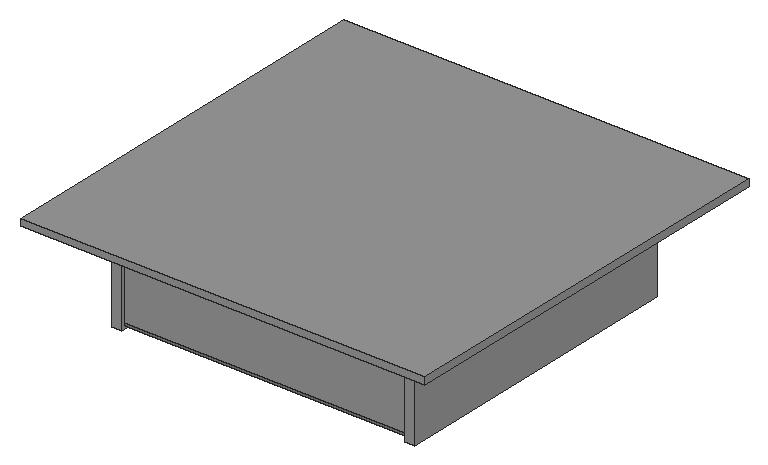
Revit family "Berica 2.0 M", category Lighting Fixtures, Revit 2020 (continued)
Definition of nested family "Light Source Berica 2.0"
  Types (4, lengths in mm): name | Photometric Web File | built-in parameter 1150142
      162.84 161.22 159.41 157.36 155.16 152.93 150.47 \r\n148.06 145.38 143.06 140.16 137.30 \r\n137.30 139.70 142.04 143.86 146.03 147.85 149.78 151.44 \r\n153.01 154.56 156.06 157.19 158.31 159.29 160.03 160.64 \r\n161.16 161.68 162.03 162.30 162.40 162.42 162.16 161.90 \r\n161.41 160.81 159.96 159.10 157.90 156.74 155.27 153.80 \r\n152.07 150.19 148.24 146.14 143.82 141.48 138.91 136.30 \r\n133.81 130.76 127.82 124.66 121.45 118.23 114.56 111.03 \r\n107.44 103.46 99.95 96.37 92.58 89.11 85.24 81.36 77.72 \r\n73.88 70.14 66.48 61.69 56.24 50.06 43.62 37.29 30.47 \r\n24.34 19.68 16.63 14.20 11.11 8.25 6.46 5.55 4.84 4.24 \r\n3.58 3.03 2.58 2.14 1.76 1.38 1.08 0.82 0.59 0.39 0.23 \r\n0.12 0.07 0.05 0.05 0.05 0.07 0.12 0.23 0.39 0.59 0.82 \r\n1.08 1.38 1.76 2.14 2.58 3.03 3.58 4.24 4.84 5.55 6.46 \r\n8.25 11.11 14.20 16.63 19.68 24.34 30.47 37.29 43.62 \r\n50.06 56.24 61.69 66.48 70.14 73.88 77.72 81.36 85.24 \r\n89.11 92.58 96.37 99.95 103.46 107.44 111.03 114.56 \r\n118.23 121.45 124.66 127.82 130.76 133.81 136.30 138.91 \r\n141.48 143.82 146.14 148.24 150.19 152.07 153.80 155.27 \r\n156.74 157.90 159.10 159.96 160.81 161.41 161.90 162.16 \r\n162.42 162.40 162.30 162.03 161.68 161.16 160.64 160.03 \r\n159.29 158.31 157.19 156.06 154.56 153.01 151.44 149.78 \r\n147.85 146.03 143.86 142.04 139.70 137.30 \r\n137.30 139.12 140.77 142.30 143.79 145.07 146.32 147.43 \r\n148.60 149.51 150.38 151.15 151.76 152.22 152.61 152.85 \r\n152.91 152.86 152.67 152.26 151.84 151.36 150.77 150.07 \r\n149.20 148.26 147.19 145.97 144.61 143.16 141.66 140.03 \r\n138.14 136.29 134.27 132.06 129.78 127.44 125.03 122.47 \r\n119.84 117.04 114.27 111.54 108.56 105.53 102.38 99.21 \r\n96.13 92.95 89.70 86.40 82.91 79.37 76.23 72.53 68.98 \r\n65.57 62.23 58.86 55.71 52.42 49.56 46.29 43.35 40.34 \r\n37.31 33.60 29.77 25.86 21.87 17.92 14.68 12.74 10.63 \r\n8.50 6.87 5.88 5.02 4.26 3.50 2.94 2.34 1.83 1.35 0.92 \r\n0.57 0.29 0.14 0.07 0.06 0.07 0.14 0.29 0.57 0.92 1.35 \r\n1.83 2.34 2.94 3.50 4.26 5.02 5.88 6.87 8.50 10.63 12.74 \r\n14.68 17.92 21.87 25.86 29.77 33.60 37.31 40.34 43.35 \r\n46.29 49.56 52.42 55.71 58.86 62.23 65.57 68.98 72.53 \r\n76.23 79.37 82.91 86.40 89.70 92.95 96.13 99.21 102.38 \r\n105.53 108.56 111.54 114.27 117.04 119.84 122.47 125.03 \r\n127.44 129.78 132.06 134.27 136.29 138.14 140.03 141.66 \r\n143.16 144.61 145.97 147.19 148.26 149.20 150.07 150.77 \r\n151.36 151.84 152.26 152.67 152.86 152.91 152.85 152.61 \r\n152.22 151.76 151.15 150.38 149.51 148.60 147.43 146.32 \r\n145.07 143.79 142.30 140.77 139.12 137.30 \r\n137.30 138.50 139.57 140.51 141.46 142.22 142.92 143.51 \r\n144.00 144.40 144.69 144.93 145.01 144.96 144.81 144.60 \r\n144.26 143.75 143.26 142.58 141.83 140.91 139.92 138.81 \r\n137.60 136.15 134.71 133.13 131.40 129.69 127.83 125.89 \r\n124.07 122.02 119.82 117.66 115.33 112.97 110.63 108.15 \r\n105.74 102.95 100.37 97.72 94.89 92.17 89.40 86.50 83.72 \r\n80.87 77.89 75.04 72.14 69.25 66.38 63.34 60.55 57.66 \r\n54.86 52.11 49.47 46.53 43.83 41.07 38.72 36.01 33.55 \r\n31.09 28.76 26.46 24.38 22.34 20.30 18.42 16.16 14.21 \r\n12.02 10.13 8.62 7.24 6.09 4.99 4.11 3.21 2.48 1.78 1.19 \r\n0.69 0.33 0.16 0.09 0.16 0.33 0.69 1.19 1.78 2.48 3.21 \r\n4.11 4.99 6.09 7.24 8.62 10.13 12.02 14.21 16.16 18.42 \r\n20.30 22.34 24.38 26.46 28.76 31.09 33.55 36.01 38.72 \r\n41.07 43.83 46.53 49.47 52.11 54.86 57.66 60.55 63.34 \r\n66.38 69.25 72.14 75.04 77.89 80.87 83.72 86.50 89.40 \r\n92.17 94.89 97.72 100.37 102.95 105.74 108.15 110.63 \r\n112.97 115.33 117.66 119.82 122.02 124.07 125.89 127.83 \r\n129.69 131.40 133.13 134.71 136.15 137.60 138.81 139.92 \r\n140.91 141.83 142.58 143.26 143.75 144.26 144.60 144.81 \r\n144.96 145.01 144.93 144.69 144.40 144.00 143.51 142.92 \r\n142.22 141.46 140.51 139.57 138.50 137.30 \r\n137.30 137.87 138.31 138.73 139.08 139.29 139.43 139.54 \r\n139.49 139.37 139.15 138.82 138.40 137.88 137.26 136.56 \r\n135.73 134.82 133.88 132.78 131.59 130.38 129.08 127.70 \r\n126.16 124.58 122.86 121.14 119.30 117.41 115.58 113.64 \r\n111.32 109.28 107.05 104.81 102.37 100.13 97.88 95.44 \r\n92.93 90.38 88.09 85.32 82.85 80.34 77.73 75.13 72.54 \r\n70.24 67.62 65.12 62.52 59.94 57.49 55.19 52.64 50.40 \r\n48.00 45.63 43.28 41.23 38.96 36.76 34.70 32.61 30.62 \r\n28.62 26.66 24.73 22.99 21.15 19.37 17.63 16.06 14.54 \r\n12.94 11.40 9.93 8.66 7.30 6.17 5.02 4.08 3.14 2.36 1.62 \r\n1.05 0.62 0.30 0.21 0.30 0.62 1.05 1.62 2.36 3.14 4.08 \r\n5.02 6.17 7.30 8.66 9.93 11.40 12.94 14.54 16.06 17.63 \r\n19.37 21.15 22.99 24.73 26.66 28.62 30.62 32.61 34.70 \r\n36.76 38.96 41.23 43.28 45.63 48.00 50.40 52.64 55.19 \r\n57.49 59.94 62.52 65.12 67.62 70.24 72.54 75.13 77.73 \r\n80.34 82.85 85.32 88.09 90.38 92.93 95.44 97.88 100.13 \r\n102.37 104.81 107.05 109.28 111.32 113.64 115.58 117.41 \r\n119.30 121.14 122.86 124.58 126.16 127.70 129.08 130.38 \r\n131.59 132.78 133.88 134.82 135.73 136.56 137.26 137.88 \r\n138.40 138.82 139.15 139.37 139.49 139.54 139.43 139.29 \r\n139.08 138.73 138.31 137.87 137.30 \r\n137.30 137.25 137.11 136.89 136.66 136.33 135.93 135.43 \r\n134.84 134.14 133.43 132.56 131.68 130.61 129.54 128.50 \r\n127.20 125.91 124.56 123.07 121.55 119.97 118.33 116.74 \r\n115.05 113.16 111.27 109.30 107.46 105.36 103.53 101.43 \r\n99.32 97.10 94.97 92.70 90.68 88.42 86.16 83.89 81.58 \r\n79.44 77.10 74.83 72.64 70.44 68.07 65.98 63.84 61.60 \r\n59.34 57.25 55.06 53.11 50.95 48.92 46.96 44.93 42.99 \r\n41.01 39.19 37.28 35.49 33.64 31.92 30.18 28.49 26.77 \r\n25.22 23.56 21.94 20.36 18.86 17.42 15.90 14.54 13.10 \r\n11.74 10.31 9.13 7.82 6.70 5.58 4.54 3.72 2.75 2.05 1.45 \r\n0.97 0.61 0.52 0.61 0.97 1.45 2.05 2.75 3.72 4.54 5.58 \r\n6.70 7.82 9.13 10.31 11.74 13.10 14.54 15.90 17.42 18.86 \r\n20.36 21.94 23.56 25.22 26.77 28.49 30.18 31.92 33.64 \r\n35.49 37.28 39.19 41.01 42.99 44.93 46.96 48.92 50.95 \r\n53.11 55.06 57.25 59.34 61.60 63.84 65.98 68.07 70.44 \r\n72.64 74.83 77.10 79.44 81.58 83.89 86.16 88.42 90.68 \r\n92.70 94.97 97.10 99.32 101.43 103.53 105.36 107.46 \r\n109.30 111.27 113.16 115.05 116.74 118.33 119.97 121.55 \r\n123.07 124.56 125.91 127.20 128.50 129.54 130.61 131.68 \r\n132.56 133.43 134.14 134.84 135.43 135.93 136.33 136.66 \r\n136.89 137.11 137.25 137.30 \r\n"
